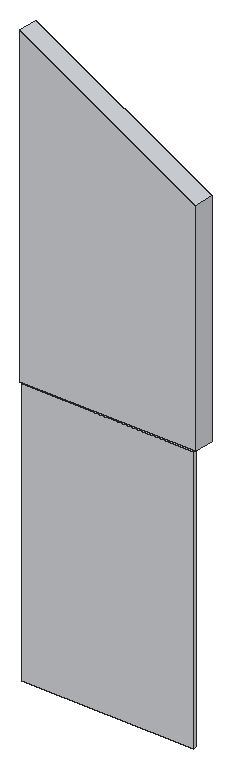
Revit family "EXP_WT-1B_CPan-005", category Curtain Panels, Revit 2021
Family settings
  OmniClass Number = 23.25.20.14.11.11.17
  OmniClass Title = Infill Panels
  Always vertical = Yes
  Cut with Voids When Loaded = No
  Shared = No
Parameters (values of type "DistanceAxis = 6' 4"")
  UI-UnitNumber [instance] = "001"
  UI-Quadrant [instance] = "SE"
  UI-ProjectAbbreviation = "NEU"
  UI-ItemCategory = "PID"
  UI-FloorNumber [instance] = "03"
  PNT-WallType = "WT1B"
  PNT-ProjectAbbreviation = "NEU"
  PNT-PanelType [instance] = "01"
  PNT-ItemCategory = "PNL"
  HModSX [instance] = 3' - 3"
  HModDX [instance] = 7' - 5"
  GlassSPH2(x2) [instance] = 0' - 1 1/8"
  GlassH2 [instance] = none
  GlassH1 [instance] = none
  DistanceAxis = 6' - 4"
  Define Thermal Properties by = Schematic Type
  CellSxH1 [instance] = HModSX + DistanceAxis  # 9' - 7"
  CellSxH [instance] = CellSxH1 + CellH2  # 19' - 3"
  CellSp = 0' - 10 3/16"
  CellL [instance] = 7' - 8"
  CellH2 [instance] = 9' - 8"
  CellH [instance] = 11' - 9"
  CellDxH1 [instance] = HModDX + DistanceAxis  # 13' - 9"
  CellDxH [instance] = CellDxH1 + CellH2  # 23' - 5"
  CellAngle [instance] = 45.00°
  Analytic Construction = "<None>"
Types (2): name | DistanceAxis | CellSxH1 | CellSxH | CellDxH1 | CellDxH
  DistanceAxis = 1' 6" | 1' - 6" | 4' - 9" | 14' - 5" | 8' - 11" | 18' - 7"
  DistanceAxis = 6' 4" | 6' - 4" | 9' - 7" | 19' - 3" | 13' - 9" | 23' - 5"
Reference planes (in)
  plane 1 "Center (Front/Back)": y = 0
  plane 2: z = 0
  plane 3 "Center (Left/Right)": x = 0
  plane 4 "Left": x = -46
  plane 5 "Right": x = 46
  plane 6 "Top": z = 141
  plane 7: y = -10.1875
  plane 8: z = 256
  plane 9: z = 306
  plane 10 "DistanceAxisSX": z = 217
Forms (in)
  Extrusion 1, solid, material <- "GlassH2", detail levels coarse+medium
    sketch origin (0, 0, 0) x (1, 0, 0) y (0, 0, 1)
      loop
        line (46, 141) -> (-46, 141) -> (-46, 0) -> (46, 0) -> (46, 141)
    from 0 to 10.1875
  Extrusion 2, solid, material <- "GlassH1"
    sketch origin (0, 0, 0) x (1, 0, 0) y (0, 0, 1)
      loop
        line (46, 256) -> (-46, 306) -> (-46, 141) -> (46, 141) -> (46, 256)
    from 0 to 10.1875
Text (in)
  text "Exterior" at (-92.59733, 55.75508, 0), in view "Ref. Level"
  text "Exterior" at (0, 90.18664, 173.49264), in view "Left"
  text "Exterior" at (0, 52.29083, 162.21847), in view "Right"
Dimensions and locks (in)
  equal spacing: plane 4 "Left", plane 3 "Center (Left/Right)", plane 5 "Right"  (x2)
  "CellL": plane 4 "Left" to plane 5 "Right"
  "CellSp": plane 7 to plane 1 "Center (Front/Back)"
  "CellH": plane 2 to plane 6 "Top"
  "DistanceAxis": plane 6 "Top" to plane 10 "DistanceAxisSX"
  "HModSX": plane 10 "DistanceAxisSX" to plane 8
  "HModDX": plane 10 "DistanceAxisSX" to plane 9
  aligned and locked: level to plane 2
  aligned and locked: plane 5 "Right" to Extrusion 1 sketch curve
  aligned and locked: plane 2 to Extrusion 1 sketch curve
  aligned and locked: plane 4 "Left" to Extrusion 1 sketch curve
  aligned and locked: plane 6 "Top" to Extrusion 1 sketch curve
  aligned and locked: Extrusion 1 to plane 7
  aligned and locked: Extrusion 2 sketch curve to plane 5 "Right"
  aligned and locked: plane 6 "Top" to Extrusion 2 sketch curve
  aligned and locked: Extrusion 2 sketch curve to plane 4 "Left"
  aligned and locked: Extrusion 2 to plane 7
  aligned and locked: nested 1 to plane 4 "Left"
  aligned and locked: nested 1 to plane 5 "Right"
  aligned and locked: plane 7 to nested 1
  aligned and locked: nested 1 to plane 6 "Top"
  aligned and locked: plane 2 to nested 1
Automatic sketch dimensions
  Extrusion 2 sketch curve to plane 8 = 0' - 0"
  Extrusion 2 sketch curve to plane 9 = 0' - 0"
Nested families (in)
  nested 1: "EXP_WT-1x_IG-001" at (0, -10.1875, 70.5) x (-1, 0, 0) z (0, 0, 1), GlassSP <- "GlassSPH2(x2)", MaterialGlass <- "GlassH2", type "GlassSP = H2(x2)"
    with MaterialGlass none, GlassSP 0' - 1 1/8", GlassL 7' - 6.12598", GlassH 11' - 7.06299", CellL 7' - 8", CellH 11' - 9"
Definition of nested family "EXP_WT-1x_IG-001"
  Parameters (values of type "H2 _ GlassSP = 1 1/4"")
    MaterialGlass [instance] = none
    GlassSP [instance] = 0' - 1 1/4"
    GlassL [instance] = CellL - (GlassD1 + GlassD3)  # 3' - 10.94439"
    GlassH [instance] = CellH - (GlassD2 + GlassD4)  # 6' - 6.64788"
    GlassD4 = 0' - 1.43701"
    GlassD3 = 0' - 0.93701"
    GlassD2 = 0' - 0 1/2"
    GlassD1 = 0' - 0 15/16"
    GMPI-ProjectAbbreviation = "NEU"
    GMPI-IteamCategory = "GLS"
    Default Elevation = 0' - 0"
    CellL [instance] = 4' - 0.8189"
    CellH [instance] = 6' - 8.58489"
  Types (12): name | GlassSP | GlassL | GlassH | GlassD4 | GlassD2 | GlassD1
    H2(x2) _ GlassSP = 2 1/8" | 0' - 2.12598" | 3' - 10.94488" | 6' - 6.64788" | 0' - 1.43701" | 0' - 0 1/2" | 0' - 0.93701"
    H1 _ GlassSP = 1 1/4" | 0' - 1 1/4" | 3' - 10.94439" | 6' - 6.89739" | 0' - 0 1/4" | 0' - 1 7/16" | 0' - 0 15/16"
    H2(x3) _ GlassSP = 2 1/8" | 0' - 2.12598" | 3' - 10.94488" | 6' - 7.83489" | 0' - 0 1/4" | 0' - 0 1/2" | 0' - 0.93701"
    H3 _ GlassSP = 1 1/4" | 0' - 1 1/4" | 3' - 10.94439" | 6' - 6.64788" | 0' - 1.43701" | 0' - 0 1/2" | 0' - 0 15/16"
    H _ GlassSP = 2 1/8" | 0' - 2.12598" | 3' - 10.94488" | 6' - 5.71088" | 0' - 1.43701" | 0' - 1.43701" | 0' - 0.93701"
    H _ GlassSP = 1 1/4" | 0' - 1 1/4" | 3' - 10.94439" | 6' - 5.71088" | 0' - 1.43701" | 0' - 1.43701" | 0' - 0 15/16"
    H2 _ GlassSP = 1 1/4" | 0' - 1 1/4" | 3' - 10.94439" | 6' - 6.64788" | 0' - 1.43701" | 0' - 0 1/2" | 0' - 0 15/16"
    GlassSP = H | 0' - 1 1/4" | 3' - 10.94439" | 6' - 5.71088" | 0' - 1.43701" | 0' - 1.43701" | 0' - 0 15/16"
    GlassSP = H3 | 0' - 1 1/4" | 3' - 10.94439" | 6' - 6.64788" | 0' - 1.43701" | 0' - 0 1/2" | 0' - 0 15/16"
    GlassSP = H2(x3) | 0' - 2.12598" | 3' - 10.94488" | 6' - 7.83489" | 0' - 0 1/4" | 0' - 0 1/2" | 0' - 0.93701"
    GlassSP = H2(x2) | 0' - 2.12598" | 3' - 10.94488" | 6' - 6.64788" | 0' - 1.43701" | 0' - 0 1/2" | 0' - 0.93701"
    GlassSP = H1 | 0' - 1 1/4" | 3' - 10.94439" | 6' - 6.89739" | 0' - 0 1/4" | 0' - 1 7/16" | 0' - 0 15/16"
  Reference planes (in)
    plane 1 "Center (Front/Back)": y = 0
    plane 2: z = 0
    plane 3 "Center (Left/Right)": x = 0
    plane 4: x = -24.40945
    plane 5: x = 24.40945
    plane 6: z = 40.29245
    plane 7: x = -23.47195
    plane 8: x = 23.47244
    plane 9: z = -40.29245
    plane 10: z = 39.79245
    plane 11: z = -38.85544
  Forms (in)
    Extrusion 1, solid, material <- "MaterialGlass"
      sketch origin (0, 0, 0) x (1, 0, 0) y (0, 0, 1)
        loop
          line (-23.47195, -38.85544) -> (23.47244, -38.85544) -> (23.47244, 39.79245) -> (-23.47195, 39.79245) -> (-23.47195, -38.85544)
      from 0 to 1.25 <- "GlassSP"
  Dimensions and locks (in)
    equal spacing: plane 6, level, plane 9
    "CellH": plane 6 to plane 9
    "GlassD2": plane 6 to plane 10
    "GlassD4": plane 11 to plane 9
    equal spacing: plane 4, plane 3 "Center (Left/Right)", plane 5
    "CellL": plane 4 to plane 5
    "GlassD1": plane 4 to plane 7
    "GlassD3": plane 5 to plane 8
    aligned and locked: level to plane 2
    aligned and locked: Extrusion 1 sketch curve to plane 11
    aligned and locked: Extrusion 1 sketch curve to plane 7
    aligned and locked: plane 10 to Extrusion 1 sketch curve
    aligned and locked: plane 8 to Extrusion 1 sketch curve
